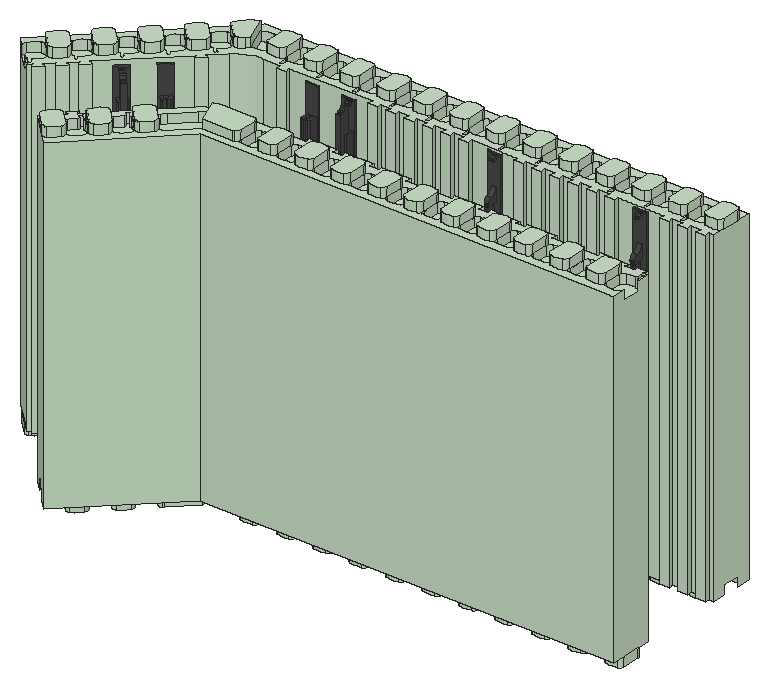
Revit family "ICF- NUDURA 4-inch- 45 Degree Form Unit- Imperial", category Generic Models, Revit 2011 (continued)
Definition of nested family "4-inch Web"
  Forms (in)
    Extrusion 1, solid, material "Polypropylene"
      sketch origin (0, -2, -0.5) x (0, 1, 0) y (0, 0, 1)
        loop
          line (4.1225, 4.33383) -> (3.89, 4.33383) -> (3.89, 4.40383) -> (3.995, 4.40383) -> (3.995, 4.90383) -> (3.89, 4.90383) -> (3.89, 4.97383) -> (4.1225, 4.97383)
          arc (4.1225, 4.97383) -> (4.16669, 4.95552) -> (4.185, 4.91133) r 0.0625
          line (4.185, 4.91133) -> (4.185, 5.69633)
          arc (4.185, 5.69633) -> (4.16669, 5.65213) -> (4.1225, 5.63383) r 0.0625
          line (4.1225, 5.63383) -> (3.89, 5.63383) -> (3.89, 5.70383) -> (3.995, 5.70383) -> (3.995, 6.2038) -> (3.89, 6.2038) -> (3.89, 6.27383) -> (4.1225, 6.27383)
          arc (4.1225, 6.27383) -> (4.16669, 6.25552) -> (4.185, 6.21133) r 0.0625
          line (4.185, 6.21133) -> (4.185, 6.81093) -> (4.09, 6.81093)
          arc (4.09, 6.81093) -> (3.98601, 6.70797) -> (3.85666, 6.63953) r 0.5
          arc (3.85666, 6.63953) -> (3.73587, 6.54816) -> (3.69, 6.40383) r 0.25
          line (3.69, 6.40383) -> (3.69, 6.33633)
          arc (3.69, 6.33633) -> (3.7083, 6.29213) -> (3.7525, 6.27383) r 0.0625
          line (3.7525, 6.27383) -> (3.8, 6.27383) -> (3.8, 6.2038) -> (3.69446, 6.2038)
          arc (3.69446, 6.2038) -> (3.49353, 6.21289) -> (3.29847, 6.26201) r 1
          arc (3.29847, 6.26201) -> (3.20889, 6.24349) -> (3.18179, 6.15611) r 0.09
          arc (3.18179, 6.15611) -> (2.74446, 5.81514) -> (2.77171, 6.36902) r 0.305
          arc (2.77171, 6.36902) -> (2.89426, 6.65499) -> (2.60829, 6.77754) r 0.22
          arc (2.60829, 6.77754) -> (2.36995, 6.62412) -> (2.20617, 6.39279) r 0.745
          arc (2.20617, 6.39279) -> (2.12274, 6.29522) -> (2, 6.25758) r 0.23
          arc (2, 6.25758) -> (1.87726, 6.29522) -> (1.79383, 6.39279) r 0.23
          arc (1.79383, 6.39279) -> (1.63005, 6.62412) -> (1.39171, 6.77754) r 0.745
          arc (1.39171, 6.77754) -> (1.10574, 6.65499) -> (1.22829, 6.36902) r 0.22
          arc (1.22829, 6.36902) -> (1.25554, 5.81514) -> (0.81821, 6.15611) r 0.305
          arc (0.81821, 6.15611) -> (0.79111, 6.24349) -> (0.70153, 6.26201) r 0.09
          arc (0.70153, 6.26201) -> (0.50647, 6.21289) -> (0.30554, 6.2038) r 1
          line (0.30554, 6.2038) -> (0.2, 6.2038) -> (0.2, 6.27383) -> (0.2475, 6.27383)
          arc (0.2475, 6.27383) -> (0.2917, 6.29213) -> (0.31, 6.33633) r 0.0625
          line (0.31, 6.33633) -> (0.31, 6.40383)
          arc (0.31, 6.40383) -> (0.26413, 6.54816) -> (0.14334, 6.63953) r 0.25
          arc (0.14334, 6.63953) -> (0.01399, 6.70797) -> (-0.09, 6.81093) r 0.5
          line (-0.09, 6.81093) -> (-0.185, 6.81093) -> (-0.185, 6.21133)
          arc (-0.185, 6.21133) -> (-0.16669, 6.25552) -> (-0.1225, 6.27383) r 0.0625
          line (-0.1225, 6.27383) -> (0.11, 6.27383) -> (0.11, 6.2038) -> (0.005, 6.2038) -> (0.005, 5.70383) -> (0.11, 5.70383) -> (0.11, 5.63383) -> (-0.1225, 5.63383)
          arc (-0.1225, 5.63383) -> (-0.16669, 5.65213) -> (-0.185, 5.69633) r 0.0625
          line (-0.185, 5.69633) -> (-0.185, 4.91133)
          arc (-0.185, 4.91133) -> (-0.16669, 4.95552) -> (-0.1225, 4.97383) r 0.0625
          line (-0.1225, 4.97383) -> (0.11, 4.97383) -> (0.11, 4.90383) -> (0.005, 4.90383) -> (0.005, 4.40383) -> (0.11, 4.40383) -> (0.11, 4.33383) -> (-0.1225, 4.33383)
          arc (-0.1225, 4.33383) -> (-0.16669, 4.35213) -> (-0.185, 4.39633) r 0.0625
          line (-0.185, 4.39633) -> (-0.185, 3.61133)
          arc (-0.185, 3.61133) -> (-0.16669, 3.65552) -> (-0.1225, 3.67383) r 0.0625
          line (-0.1225, 3.67383) -> (0.11, 3.67383) -> (0.11, 3.60383) -> (0.005, 3.60383) -> (0.005, 3.10386) -> (0.11, 3.10386) -> (0.11, 3.03383) -> (-0.15332, 3.03383)
          arc (-0.15332, 3.03383) -> (-0.16974, 3.03602) -> (-0.185, 3.04245) r 0.0625
          line (-0.185, 3.04245) -> (-0.185, 2.26723)
          arc (-0.185, 2.26723) -> (-0.07682, 2.51353) -> (0.14334, 2.66812) r 0.5
          arc (0.14334, 2.66812) -> (0.26413, 2.75949) -> (0.31, 2.90383) r 0.25
          line (0.31, 2.90383) -> (0.31, 2.97133)
          arc (0.31, 2.97133) -> (0.2917, 3.01552) -> (0.2475, 3.03383) r 0.0625
          line (0.2475, 3.03383) -> (0.2, 3.03383) -> (0.2, 3.10386) -> (0.30554, 3.10386)
          arc (0.30554, 3.10386) -> (0.50647, 3.09477) -> (0.70153, 3.04565) r 1
          arc (0.70153, 3.04565) -> (0.79111, 3.06417) -> (0.81821, 3.15155) r 0.09
          arc (0.81821, 3.15155) -> (1.25554, 3.49251) -> (1.22829, 2.93864) r 0.305
          arc (1.22829, 2.93864) -> (1.10574, 2.65266) -> (1.39171, 2.53012) r 0.22
          arc (1.39171, 2.53012) -> (1.63005, 2.68353) -> (1.79383, 2.91487) r 0.745
          arc (1.79383, 2.91487) -> (1.87726, 3.01243) -> (2, 3.05008) r 0.23
          arc (2, 3.05008) -> (2.12274, 3.01243) -> (2.20617, 2.91487) r 0.23
          arc (2.20617, 2.91487) -> (2.36995, 2.68353) -> (2.60829, 2.53012) r 0.745
          arc (2.60829, 2.53012) -> (2.89426, 2.65266) -> (2.77171, 2.93864) r 0.22
          arc (2.77171, 2.93864) -> (2.74446, 3.49251) -> (3.18179, 3.15155) r 0.305
          arc (3.18179, 3.15155) -> (3.20889, 3.06417) -> (3.29847, 3.04565) r 0.09
          arc (3.29847, 3.04565) -> (3.49353, 3.09477) -> (3.69446, 3.10386) r 1
          line (3.69446, 3.10386) -> (3.8, 3.10386) -> (3.8, 3.03383) -> (3.7525, 3.03383)
          arc (3.7525, 3.03383) -> (3.7083, 3.01552) -> (3.69, 2.97133) r 0.0625
          line (3.69, 2.97133) -> (3.69, 2.90383)
          arc (3.69, 2.90383) -> (3.73587, 2.75949) -> (3.85666, 2.66812) r 0.25
          arc (3.85666, 2.66812) -> (4.07682, 2.51353) -> (4.185, 2.26723) r 0.5
          line (4.185, 2.26723) -> (4.185, 3.04245)
          arc (4.185, 3.04245) -> (4.16974, 3.03602) -> (4.15332, 3.03383) r 0.0625
          line (4.15332, 3.03383) -> (3.89, 3.03383) -> (3.89, 3.10386) -> (3.995, 3.10386) -> (3.995, 3.60383)
        loop
          arc (3.695, 4.40383) -> (3.64143, 4.41153) -> (3.59139, 4.43216) r 0.21872
          arc (3.59139, 4.43216) -> (3.29477, 4.52764) -> (2.98527, 4.56383) r 1.6
          line (2.98527, 4.56383) -> (2.40877, 4.56383)
          arc (2.40877, 4.56383) -> (2.18493, 4.38671) -> (2.30584, 4.12814) r 0.23
          line (2.30584, 4.12814) -> (2.8018, 3.87996)
          arc (2.8018, 3.87996) -> (3.23819, 3.7089) -> (3.695, 3.60383) r 3.1806
          line (3.695, 3.60383) -> (3.8, 3.60383) -> (3.8, 3.67383) -> (3.7525, 3.67383)
          arc (3.7525, 3.67383) -> (3.7083, 3.69213) -> (3.69, 3.73633) r 0.0625
          line (3.69, 3.73633) -> (3.69, 4.27133)
          arc (3.69, 4.27133) -> (3.7083, 4.31552) -> (3.7525, 4.33383) r 0.0625
          line (3.7525, 4.33383) -> (3.8, 4.33383) -> (3.8, 4.40383) -> (3.695, 4.40383)
        loop
          arc (3.695, 5.70383) -> (3.23819, 5.59876) -> (2.8018, 5.42769) r 3.1806
          line (2.8018, 5.42769) -> (2.30584, 5.17951)
          arc (2.30584, 5.17951) -> (2.18493, 4.92095) -> (2.40877, 4.74383) r 0.23
          line (2.40877, 4.74383) -> (2.98527, 4.74383)
          arc (2.98527, 4.74383) -> (3.29477, 4.78001) -> (3.59139, 4.8755) r 1.6
          arc (3.59139, 4.8755) -> (3.64143, 4.89612) -> (3.695, 4.90383) r 0.21872
          line (3.695, 4.90383) -> (3.8, 4.90383) -> (3.8, 4.97383) -> (3.7525, 4.97383)
          arc (3.7525, 4.97383) -> (3.7083, 4.99213) -> (3.69, 5.03633) r 0.0625
          line (3.69, 5.03633) -> (3.69, 5.57133)
          arc (3.69, 5.57133) -> (3.7083, 5.61552) -> (3.7525, 5.63383) r 0.0625
          line (3.7525, 5.63383) -> (3.8, 5.63383) -> (3.8, 5.70383) -> (3.695, 5.70383)
        loop
          line (0.305, 4.40383) -> (0.2, 4.40383) -> (0.2, 4.33383) -> (0.2475, 4.33383)
          arc (0.2475, 4.33383) -> (0.2917, 4.31552) -> (0.31, 4.27133) r 0.0625
          line (0.31, 4.27133) -> (0.31, 3.73633)
          arc (0.31, 3.73633) -> (0.2917, 3.69213) -> (0.2475, 3.67383) r 0.0625
          line (0.2475, 3.67383) -> (0.2, 3.67383) -> (0.2, 3.60383) -> (0.305, 3.60383)
          arc (0.305, 3.60383) -> (0.76181, 3.7089) -> (1.1982, 3.87996) r 3.1806
          line (1.1982, 3.87996) -> (1.69416, 4.12814)
          arc (1.69416, 4.12814) -> (1.81507, 4.38671) -> (1.59123, 4.56383) r 0.23
          line (1.59123, 4.56383) -> (1.01473, 4.56383)
          arc (1.01473, 4.56383) -> (0.70523, 4.52764) -> (0.40861, 4.43216) r 1.6
          arc (0.40861, 4.43216) -> (0.35857, 4.41153) -> (0.305, 4.40383) r 0.21872
        loop
          line (0.305, 5.70383) -> (0.2, 5.70383) -> (0.2, 5.63383) -> (0.2475, 5.63383)
          arc (0.2475, 5.63383) -> (0.2917, 5.61552) -> (0.31, 5.57133) r 0.0625
          line (0.31, 5.57133) -> (0.31, 5.03633)
          arc (0.31, 5.03633) -> (0.2917, 4.99213) -> (0.2475, 4.97383) r 0.0625
          line (0.2475, 4.97383) -> (0.2, 4.97383) -> (0.2, 4.90383) -> (0.305, 4.90383)
          arc (0.305, 4.90383) -> (0.35857, 4.89612) -> (0.40861, 4.8755) r 0.21872
          arc (0.40861, 4.8755) -> (0.70523, 4.78001) -> (1.01473, 4.74383) r 1.6
          line (1.01473, 4.74383) -> (1.59123, 4.74383)
          arc (1.59123, 4.74383) -> (1.81507, 4.92095) -> (1.69416, 5.17951) r 0.23
          line (1.69416, 5.17951) -> (1.1982, 5.42769)
          arc (1.1982, 5.42769) -> (0.76181, 5.59876) -> (0.305, 5.70383) r 3.1806
      from -0.125 to 0.125
    Extrusion 2, solid, material "Polypropylene"
      sketch origin (0, 0, 0) x (0, 1, 0) y (0, 0, 1)
        loop
          line (2.185, 17.8125) -> (2.185, 0.1875)
          arc (2.185, 0.1875) -> (2.2042, 0.14243) -> (2.25, 0.12505) r 0.0625
          arc (2.25, 0.12505) -> (2.2958, 0.14243) -> (2.315, 0.1875) r 0.0625
          line (2.315, 0.1875) -> (2.315, 17.8125)
          arc (2.315, 17.8125) -> (2.2958, 17.85757) -> (2.25, 17.87495) r 0.0625
          arc (2.25, 17.87495) -> (2.2042, 17.85757) -> (2.185, 17.8125) r 0.0625
        loop
          arc (-2.185, 17.8125) -> (-2.2042, 17.85757) -> (-2.25, 17.87495) r 0.0625
          arc (-2.25, 17.87495) -> (-2.2958, 17.85757) -> (-2.315, 17.8125) r 0.0625
          line (-2.315, 17.8125) -> (-2.315, 0.1875)
          arc (-2.315, 0.1875) -> (-2.2958, 0.14243) -> (-2.25, 0.12505) r 0.0625
          arc (-2.25, 0.12505) -> (-2.2042, 0.14243) -> (-2.185, 0.1875) r 0.0625
          line (-2.185, 0.1875) -> (-2.185, 17.8125)
      from -0.36328 to 0.36328
Definition of nested family "4-inch Insert Web"
  Reference planes (in)
    plane 1 "Center (Front/Back)": y = 0
    plane 2: z = 0
    plane 3 "Center (Left/Right)": x = 0
  Forms (in)
    Extrusion 1, solid, material "High Density Polystyrene"
      sketch origin (0, 0, 0) x (0, 1, 0) y (0, 0, 1)
        loop
          line (2.25, 0) -> (2.25, 17.74583)
          arc (2.25, 17.74583) -> (2.22112, 17.72608) -> (2.21, 17.69292) r 0.055
          line (2.21, 17.69292) -> (2.21, 0.05292)
          arc (2.21, 0.05292) -> (2.22112, 0.01975) -> (2.25, 0) r 0.055
        loop
          arc (-2.25, 0) -> (-2.22112, 0.01975) -> (-2.21, 0.05292) r 0.055
          line (-2.21, 0.05292) -> (-2.21, 17.69292)
          arc (-2.21, 17.69292) -> (-2.22112, 17.72608) -> (-2.25, 17.74583) r 0.055
          line (-2.25, 17.74583) -> (-2.25, 0)
      from 0.36328 to -0.36328
    Extrusion 2, solid, material "High Density Polystyrene"
      sketch origin (0, 0, 0) x (0, 1, 0) y (0, 0, 1)
        loop
          arc (2.18889, 17.40785) -> (2.20374, 17.40241) -> (2.21, 17.38789) r 0.02
          line (2.21, 17.38789) -> (2.21, 17.63668)
          arc (2.21, 17.63668) -> (2.20585, 17.62147) -> (2.19457, 17.61045) r 0.03
          line (2.19457, 17.61045) -> (2.12543, 17.57204)
          arc (2.12543, 17.57204) -> (2.11414, 17.56103) -> (2.11, 17.54582) r 0.03
          line (2.11, 17.54582) -> (2.11, 17.42461)
          arc (2.11, 17.42461) -> (2.11625, 17.41008) -> (2.13111, 17.40464) r 0.02
          line (2.13111, 17.40464) -> (2.18889, 17.40785)
        loop
          line (2, 17.20772) -> (1.925, 17.43772)
          arc (1.925, 17.43772) -> (1.875, 17.46772) -> (1.825, 17.43772) r 0.05667
          line (1.825, 17.43772) -> (1.77609, 17.28772) -> (1.64893, 17.28772)
          arc (1.64893, 17.28772) -> (1.61433, 17.27339) -> (1.6, 17.2388) r 0.04893
          line (1.6, 17.2388) -> (1.6, 17.20772) -> (1.5, 17.20772) -> (1.5, 15.41964)
          arc (1.5, 15.41964) -> (1.44097, 15.27714) -> (1.29847, 15.21812) r 0.20153
          arc (1.29847, 15.21812) -> (1.20889, 15.19959) -> (1.18179, 15.11222) r 0.09
          arc (1.18179, 15.11222) -> (0.74446, 14.77125) -> (0.77171, 15.32512) r 0.305
          arc (0.77171, 15.32512) -> (0.89426, 15.6111) -> (0.60829, 15.73365) r 0.22
          arc (0.60829, 15.73365) -> (0.36995, 15.58023) -> (0.20617, 15.3489) r 0.745
          arc (0.20617, 15.3489) -> (0.12274, 15.25133) -> (0, 15.21369) r 0.23
          arc (0, 15.21369) -> (-0.12274, 15.25133) -> (-0.20617, 15.3489) r 0.23
          arc (-0.20617, 15.3489) -> (-0.36995, 15.58023) -> (-0.60829, 15.73365) r 0.745
          arc (-0.60829, 15.73365) -> (-0.89426, 15.6111) -> (-0.77171, 15.32512) r 0.22
          arc (-0.77171, 15.32512) -> (-0.74446, 14.77125) -> (-1.18179, 15.11222) r 0.305
          arc (-1.18179, 15.11222) -> (-1.20889, 15.19959) -> (-1.29847, 15.21812) r 0.09
          arc (-1.29847, 15.21812) -> (-1.44097, 15.27714) -> (-1.5, 15.41964) r 0.20153
          line (-1.5, 15.41964) -> (-1.5, 17.20772) -> (-1.6, 17.20772) -> (-1.6, 17.2388)
          arc (-1.6, 17.2388) -> (-1.61433, 17.27339) -> (-1.64893, 17.28772) r 0.04893
          line (-1.64893, 17.28772) -> (-1.77609, 17.28772) -> (-1.825, 17.43772)
          arc (-1.825, 17.43772) -> (-1.875, 17.46772) -> (-1.925, 17.43772) r 0.05667
          line (-1.925, 17.43772) -> (-2, 17.20772) -> (-2, 0.53811) -> (-1.925, 0.30811)
          arc (-1.925, 0.30811) -> (-1.875, 0.27811) -> (-1.825, 0.30811) r 0.05667
          line (-1.825, 0.30811) -> (-1.77609, 0.45811) -> (-1.64893, 0.45811)
          arc (-1.64893, 0.45811) -> (-1.61433, 0.47244) -> (-1.6, 0.50703) r 0.04893
          line (-1.6, 0.50703) -> (-1.6, 0.53811) -> (-1.5, 0.53811) -> (-1.5, 2.32619)
          arc (-1.5, 2.32619) -> (-1.44097, 2.46869) -> (-1.29847, 2.52772) r 0.20153
          arc (-1.29847, 2.52772) -> (-1.20889, 2.54624) -> (-1.18179, 2.63362) r 0.09
          arc (-1.18179, 2.63362) -> (-0.74446, 2.97458) -> (-0.77171, 2.42071) r 0.305
          arc (-0.77171, 2.42071) -> (-0.89426, 2.13473) -> (-0.60829, 2.01218) r 0.22
          arc (-0.60829, 2.01218) -> (-0.36995, 2.1656) -> (-0.20617, 2.39693) r 0.745
          arc (-0.20617, 2.39693) -> (-0.12274, 2.4945) -> (0, 2.53215) r 0.23
          arc (0, 2.53215) -> (0.12274, 2.4945) -> (0.20617, 2.39693) r 0.23
          arc (0.20617, 2.39693) -> (0.36995, 2.1656) -> (0.60829, 2.01218) r 0.745
          arc (0.60829, 2.01218) -> (0.89426, 2.13473) -> (0.77171, 2.42071) r 0.22
          arc (0.77171, 2.42071) -> (0.74446, 2.97458) -> (1.18179, 2.63362) r 0.305
          arc (1.18179, 2.63362) -> (1.20889, 2.54624) -> (1.29847, 2.52772) r 0.09
          arc (1.29847, 2.52772) -> (1.44097, 2.46869) -> (1.5, 2.32619) r 0.20153
          line (1.5, 2.32619) -> (1.5, 0.53811) -> (1.6, 0.53811) -> (1.6, 0.50703)
          arc (1.6, 0.50703) -> (1.61433, 0.47244) -> (1.64893, 0.45811) r 0.04893
          line (1.64893, 0.45811) -> (1.77609, 0.45811) -> (1.825, 0.30811)
          arc (1.825, 0.30811) -> (1.875, 0.27811) -> (1.925, 0.30811) r 0.05667
          line (1.925, 0.30811) -> (2, 0.53811) -> (2, 17.20772)
        loop
          line (1.5, 5.8331) -> (1.5, 11.91273)
          arc (1.5, 11.91273) -> (1.44097, 12.05523) -> (1.29847, 12.11426) r 0.20153
          arc (1.29847, 12.11426) -> (1.20889, 12.13278) -> (1.18179, 12.22016) r 0.09
          arc (1.18179, 12.22016) -> (0.74446, 12.56112) -> (0.77171, 12.00725) r 0.305
          arc (0.77171, 12.00725) -> (0.89426, 11.72127) -> (0.60829, 11.59873) r 0.22
          arc (0.60829, 11.59873) -> (0.36995, 11.75214) -> (0.20617, 11.98348) r 0.745
          arc (0.20617, 11.98348) -> (0.12274, 12.08104) -> (0, 12.11869) r 0.23
          arc (0, 12.11869) -> (-0.12274, 12.08104) -> (-0.20617, 11.98348) r 0.23
          arc (-0.20617, 11.98348) -> (-0.36995, 11.75214) -> (-0.60829, 11.59873) r 0.745
          arc (-0.60829, 11.59873) -> (-0.89426, 11.72127) -> (-0.77171, 12.00725) r 0.22
          arc (-0.77171, 12.00725) -> (-0.74446, 12.56112) -> (-1.18179, 12.22016) r 0.305
          arc (-1.18179, 12.22016) -> (-1.20889, 12.13278) -> (-1.29847, 12.11426) r 0.09
          arc (-1.29847, 12.11426) -> (-1.44097, 12.05523) -> (-1.5, 11.91273) r 0.20153
          line (-1.5, 11.91273) -> (-1.5, 5.8331)
          arc (-1.5, 5.8331) -> (-1.44097, 5.6906) -> (-1.29847, 5.63158) r 0.20153
          arc (-1.29847, 5.63158) -> (-1.20889, 5.61305) -> (-1.18179, 5.52567) r 0.09
          arc (-1.18179, 5.52567) -> (-0.74446, 5.18471) -> (-0.77171, 5.73858) r 0.305
          arc (-0.77171, 5.73858) -> (-0.89426, 6.02456) -> (-0.60829, 6.14711) r 0.22
          arc (-0.60829, 6.14711) -> (-0.36995, 5.99369) -> (-0.20617, 5.76236) r 0.745
          arc (-0.20617, 5.76236) -> (-0.12274, 5.66479) -> (0, 5.62715) r 0.23
          arc (0, 5.62715) -> (0.12274, 5.66479) -> (0.20617, 5.76236) r 0.23
          arc (0.20617, 5.76236) -> (0.36995, 5.99369) -> (0.60829, 6.14711) r 0.745
          arc (0.60829, 6.14711) -> (0.89426, 6.02456) -> (0.77171, 5.73858) r 0.22
          arc (0.77171, 5.73858) -> (0.74446, 5.18471) -> (1.18179, 5.52567) r 0.305
          arc (1.18179, 5.52567) -> (1.20889, 5.61305) -> (1.29847, 5.63158) r 0.09
          arc (1.29847, 5.63158) -> (1.44097, 5.6906) -> (1.5, 5.8331) r 0.20153
        loop
          line (1.5, 13.92792) -> (1.5, 14.39506)
          arc (1.5, 14.39506) -> (1.44165, 14.51428) -> (1.31171, 14.54135) r 0.15098
          arc (1.31171, 14.54135) -> (0.8435, 14.42302) -> (0.37542, 14.30691) r 109.15003
          arc (0.37542, 14.30691) -> (0.21407, 14.19098) -> (0.15234, 14.00212) r 0.31975
          arc (0.15234, 14.00212) -> (0.22557, 13.82535) -> (0.40234, 13.75212) r 0.25
          line (0.40234, 13.75212) -> (1.32421, 13.75212)
          arc (1.32421, 13.75212) -> (1.44851, 13.80361) -> (1.5, 13.92792) r 0.17579
        loop
          arc (1.5, 13.40446) -> (1.44851, 13.52876) -> (1.32421, 13.58025) r 0.17579
          line (1.32421, 13.58025) -> (0.40234, 13.58025)
          arc (0.40234, 13.58025) -> (0.22557, 13.50703) -> (0.15234, 13.33025) r 0.25
          arc (0.15234, 13.33025) -> (0.21407, 13.1414) -> (0.37542, 13.02546) r 0.31975
          arc (0.37542, 13.02546) -> (0.8435, 12.90936) -> (1.31171, 12.79102) r 109.15003
          arc (1.31171, 12.79102) -> (1.44165, 12.81809) -> (1.5, 12.93731) r 0.15098
          line (1.5, 12.93731) -> (1.5, 13.40446)
        loop
          line (2.18889, 0.33798) -> (2.13111, 0.34119)
          arc (2.13111, 0.34119) -> (2.11625, 0.33575) -> (2.11, 0.32122) r 0.02
          line (2.11, 0.32122) -> (2.11, 0.20001)
          arc (2.11, 0.20001) -> (2.11414, 0.1848) -> (2.12543, 0.17379) r 0.03
          line (2.12543, 0.17379) -> (2.19457, 0.13538)
          arc (2.19457, 0.13538) -> (2.20585, 0.12437) -> (2.21, 0.10915) r 0.03
          line (2.21, 0.10915) -> (2.21, 0.35795)
          arc (2.21, 0.35795) -> (2.20374, 0.34342) -> (2.18889, 0.33798) r 0.02
        loop
          arc (1.5, 3.81792) -> (1.44851, 3.94222) -> (1.32421, 3.99371) r 0.17579
          line (1.32421, 3.99371) -> (0.40234, 3.99371)
          arc (0.40234, 3.99371) -> (0.22557, 3.92048) -> (0.15234, 3.74371) r 0.25
          arc (0.15234, 3.74371) -> (0.21407, 3.55486) -> (0.37542, 3.43892) r 0.31975
          arc (0.37542, 3.43892) -> (0.8435, 3.32282) -> (1.31171, 3.20448) r 109.15003
          arc (1.31171, 3.20448) -> (1.44165, 3.23155) -> (1.5, 3.35077) r 0.15098
          line (1.5, 3.35077) -> (1.5, 3.81792)
        loop
          line (1.5, 4.34137) -> (1.5, 4.80852)
          arc (1.5, 4.80852) -> (1.44165, 4.92774) -> (1.31171, 4.95481) r 0.15098
          arc (1.31171, 4.95481) -> (0.8435, 4.83647) -> (0.37542, 4.72037) r 109.15003
          arc (0.37542, 4.72037) -> (0.21407, 4.60444) -> (0.15234, 4.41558) r 0.31975
          arc (0.15234, 4.41558) -> (0.22557, 4.23881) -> (0.40234, 4.16558) r 0.25
          line (0.40234, 4.16558) -> (1.32421, 4.16558)
          arc (1.32421, 4.16558) -> (1.44851, 4.21707) -> (1.5, 4.34137) r 0.17579
        loop
          line (-2.18889, 17.40785) -> (-2.13111, 17.40464)
          arc (-2.13111, 17.40464) -> (-2.11625, 17.41008) -> (-2.11, 17.42461) r 0.02
          line (-2.11, 17.42461) -> (-2.11, 17.54582)
          arc (-2.11, 17.54582) -> (-2.11414, 17.56103) -> (-2.12543, 17.57204) r 0.03
          line (-2.12543, 17.57204) -> (-2.19457, 17.61045)
          arc (-2.19457, 17.61045) -> (-2.20585, 17.62147) -> (-2.21, 17.63668) r 0.03
          line (-2.21, 17.63668) -> (-2.21, 17.38789)
          arc (-2.21, 17.38789) -> (-2.20374, 17.40241) -> (-2.18889, 17.40785) r 0.02
        loop
          arc (-1.5, 13.92792) -> (-1.44851, 13.80361) -> (-1.32421, 13.75212) r 0.17579
          line (-1.32421, 13.75212) -> (-0.40234, 13.75212)
          arc (-0.40234, 13.75212) -> (-0.22557, 13.82535) -> (-0.15234, 14.00212) r 0.25
          arc (-0.15234, 14.00212) -> (-0.21407, 14.19098) -> (-0.37542, 14.30691) r 0.31975
          arc (-0.37542, 14.30691) -> (-0.8435, 14.42302) -> (-1.31171, 14.54135) r 109.15003
          arc (-1.31171, 14.54135) -> (-1.44165, 14.51428) -> (-1.5, 14.39506) r 0.15098
          line (-1.5, 14.39506) -> (-1.5, 13.92792)
        loop
          line (-1.5, 13.40446) -> (-1.5, 12.93731)
          arc (-1.5, 12.93731) -> (-1.44165, 12.81809) -> (-1.31171, 12.79102) r 0.15098
          arc (-1.31171, 12.79102) -> (-0.8435, 12.90936) -> (-0.37542, 13.02546) r 109.15003
          arc (-0.37542, 13.02546) -> (-0.21407, 13.1414) -> (-0.15234, 13.33025) r 0.31975
          arc (-0.15234, 13.33025) -> (-0.22557, 13.50703) -> (-0.40234, 13.58025) r 0.25
          line (-0.40234, 13.58025) -> (-1.32421, 13.58025)
          arc (-1.32421, 13.58025) -> (-1.44851, 13.52876) -> (-1.5, 13.40446) r 0.17579
        loop
          arc (-2.18889, 0.33798) -> (-2.20374, 0.34342) -> (-2.21, 0.35795) r 0.02
          line (-2.21, 0.35795) -> (-2.21, 0.10915)
          arc (-2.21, 0.10915) -> (-2.20585, 0.12437) -> (-2.19457, 0.13538) r 0.03
          line (-2.19457, 0.13538) -> (-2.12543, 0.17379)
          arc (-2.12543, 0.17379) -> (-2.11414, 0.1848) -> (-2.11, 0.20001) r 0.03
          line (-2.11, 0.20001) -> (-2.11, 0.32122)
          arc (-2.11, 0.32122) -> (-2.11625, 0.33575) -> (-2.13111, 0.34119) r 0.02
          line (-2.13111, 0.34119) -> (-2.18889, 0.33798)
        loop
          line (-1.5, 3.81792) -> (-1.5, 3.35077)
          arc (-1.5, 3.35077) -> (-1.44165, 3.23155) -> (-1.31171, 3.20448) r 0.15098
          arc (-1.31171, 3.20448) -> (-0.8435, 3.32282) -> (-0.37542, 3.43892) r 109.15003
          arc (-0.37542, 3.43892) -> (-0.21407, 3.55486) -> (-0.15234, 3.74371) r 0.31975
          arc (-0.15234, 3.74371) -> (-0.22557, 3.92048) -> (-0.40234, 3.99371) r 0.25
          line (-0.40234, 3.99371) -> (-1.32421, 3.99371)
          arc (-1.32421, 3.99371) -> (-1.44851, 3.94222) -> (-1.5, 3.81792) r 0.17579
        loop
          arc (-1.5, 4.34137) -> (-1.44851, 4.21707) -> (-1.32421, 4.16558) r 0.17579
          line (-1.32421, 4.16558) -> (-0.40234, 4.16558)
          arc (-0.40234, 4.16558) -> (-0.22557, 4.23881) -> (-0.15234, 4.41558) r 0.25
          arc (-0.15234, 4.41558) -> (-0.21407, 4.60444) -> (-0.37542, 4.72037) r 0.31975
          arc (-0.37542, 4.72037) -> (-0.8435, 4.83647) -> (-1.31171, 4.95481) r 109.15003
          arc (-1.31171, 4.95481) -> (-1.44165, 4.92774) -> (-1.5, 4.80852) r 0.15098
          line (-1.5, 4.80852) -> (-1.5, 4.34137)
      from 0.125 to -0.125
    Extrusion 3, solid, material "High Density Polystyrene"
      sketch origin (0, 0, 0) x (0, 1, 0) y (0, 0, 1)
        loop
          line (2.21, 16.17792) -> (1.71, 16.17792) -> (1.71, 14.97792) -> (2.21, 14.97792) -> (2.21, 16.17792)
        loop
          line (2.21, 14.22792) -> (1.71, 14.22792) -> (1.71, 13.02792) -> (2.21, 13.02792) -> (2.21, 14.22792)
        loop
          line (2.21, 12.27792) -> (1.71, 12.27792) -> (1.71, 11.07792) -> (2.21, 11.07792) -> (2.21, 12.27792)
        loop
          line (2.21, 10.32792) -> (1.71, 10.32792) -> (1.71, 9.24792) -> (2.21, 9.24792) -> (2.21, 10.32792)
        loop
          line (2.21, 8.49792) -> (1.71, 8.49792) -> (1.71, 7.41792) -> (2.21, 7.41792) -> (2.21, 8.49792)
        loop
          line (2.21, 6.66792) -> (1.71, 6.66792) -> (1.71, 5.46792) -> (2.21, 5.46792) -> (2.21, 6.66792)
        loop
          line (2.21, 4.71792) -> (1.71, 4.71792) -> (1.71, 3.51792) -> (2.21, 3.51792) -> (2.21, 4.71792)
        loop
          line (2.21, 2.76792) -> (1.71, 2.76792) -> (1.71, 1.56792) -> (2.21, 1.56792) -> (2.21, 2.76792)
        loop
          line (-2.21, 16.17792) -> (-2.21, 14.97792) -> (-1.71, 14.97792) -> (-1.71, 16.17792) -> (-2.21, 16.17792)
        loop
          line (-2.21, 14.22792) -> (-2.21, 13.02792) -> (-1.71, 13.02792) -> (-1.71, 14.22792) -> (-2.21, 14.22792)
        loop
          line (-2.21, 12.27792) -> (-2.21, 11.07792) -> (-1.71, 11.07792) -> (-1.71, 12.27792) -> (-2.21, 12.27792)
        loop
          line (-2.21, 10.32792) -> (-2.21, 9.24792) -> (-1.71, 9.24792) -> (-1.71, 10.32792) -> (-2.21, 10.32792)
        loop
          line (-2.21, 8.49792) -> (-2.21, 7.41792) -> (-1.71, 7.41792) -> (-1.71, 8.49792) -> (-2.21, 8.49792)
        loop
          line (-2.21, 6.66792) -> (-2.21, 5.46792) -> (-1.71, 5.46792) -> (-1.71, 6.66792) -> (-2.21, 6.66792)
        loop
          line (-2.21, 4.71792) -> (-2.21, 3.51792) -> (-1.71, 3.51792) -> (-1.71, 4.71792) -> (-2.21, 4.71792)
        loop
          line (-2.21, 2.76792) -> (-2.21, 1.56792) -> (-1.71, 1.56792) -> (-1.71, 2.76792) -> (-2.21, 2.76792)
      from 0.25 to -0.25
    Extrusion 4, void
      sketch origin (0, -1, 0) x (1, 0, 0) y (0, 1, 0)
        loop
          line (-0.25, 2.79249) -> (-0.25, 2.71) -> (-0.1675, 2.71)
          arc (-0.1675, 2.71) -> (-0.22584, 2.73416) -> (-0.25, 2.79249) r 0.0825
      from 0 to 18
    Extrusion 5, void
      sketch origin (0, -1, 0) x (-1, 0, 0) y (0, -1, 0)
        loop
          arc (-0.25, -2.79249) -> (-0.22584, -2.73416) -> (-0.1675, -2.71) r 0.0825
          line (-0.1675, -2.71) -> (-0.25, -2.71) -> (-0.25, -2.79249)
      from 0 to 18
    Extrusion 6, void
      sketch origin (0, 1, 0) x (1, 0, 0) y (0, 1, 0)
        loop
          arc (-0.25, -2.79249) -> (-0.22584, -2.73416) -> (-0.1675, -2.71) r 0.0825
          line (-0.1675, -2.71) -> (-0.25, -2.71) -> (-0.25, -2.79249)
      from 0 to 18
    Extrusion 7, void
      sketch origin (0, 1, 0) x (-1, 0, 0) y (0, -1, 0)
        loop
          line (-0.25, 2.79249) -> (-0.25, 2.71) -> (-0.1675, 2.71)
          arc (-0.1675, 2.71) -> (-0.22584, 2.73416) -> (-0.25, 2.79249) r 0.0825
      from 0 to 18
  Cuts and joins
    Extrusion 4, Extrusion 5, Extrusion 6, Extrusion 7 cuts Extrusion 1
    Extrusion 4, Extrusion 5, Extrusion 6, Extrusion 7 cuts Extrusion 3
Definition of nested family "NUDURA Diamond Pattern"
  Reference planes (in)
    plane 1 "Center (Front/Back)": y = 0
    plane 2: z = 0
    plane 3 "Center (Left/Right)": x = 0
    plane 4: z = 18
  Lines and regions (in)
    model lines
      curve 1: line (8, -5.625, 18) -> (8, -5.625, 0)
      curve 2: line (6, -5.625, 18) -> (6, -5.625, 0)
      curve 3: line (2, -5.625, 18) -> (2, -5.625, 0)
      curve 4: line (3.35367, -5.625, 16.98484) -> (3.69709, -5.625, 16.64142)
      curve 5: arc (3.35367, -5.625, 17.51517) -> (3.24384, -5.625, 17.25) -> (3.35367, -5.625, 16.98484) r 0.375
      curve 6: line (3.72867, -5.625, 17.89017) -> (3.35367, -5.625, 17.51517)
      curve 7: arc (4.259, -5.625, 17.89017) -> (3.99384, -5.625, 18) -> (3.72867, -5.625, 17.89017) r 0.375
      curve 8: line (4.634, -5.625, 17.51517) -> (4.259, -5.625, 17.89017)
      curve 9: arc (4.634, -5.625, 16.98484) -> (4.74384, -5.625, 17.25) -> (4.634, -5.625, 17.51517) r 0.375
      curve 10: line (4.29059, -5.625, 16.64142) -> (4.634, -5.625, 16.98484)
      curve 11: arc (4.17062, -5.625, 17.80178) -> (3.99384, -5.625, 17.875) -> (3.81706, -5.625, 17.80178) r 0.25
      curve 12: line (4.54562, -5.625, 17.42678) -> (4.17062, -5.625, 17.80178)
      curve 13: arc (4.54562, -5.625, 17.07322) -> (4.61884, -5.625, 17.25) -> (4.54562, -5.625, 17.42678) r 0.25
      curve 14: line (4.17062, -5.625, 16.69822) -> (4.54562, -5.625, 17.07322)
      curve 15: arc (3.81706, -5.625, 16.69822) -> (3.99384, -5.625, 16.625) -> (4.17062, -5.625, 16.69822) r 0.25
      curve 16: line (3.44206, -5.625, 17.07322) -> (3.81706, -5.625, 16.69822)
      curve 17: arc (3.44206, -5.625, 17.42678) -> (3.36884, -5.625, 17.25) -> (3.44206, -5.625, 17.07322) r 0.25
      curve 18: line (3.81706, -5.625, 17.80178) -> (3.44206, -5.625, 17.42678)
      curve 19: arc (3.69709, -5.625, 16.35858) -> (3.75567, -5.625, 16.5) -> (3.69709, -5.625, 16.64142) r 0.2
      curve 20: line (4.634, -5.625, 16.01517) -> (4.29059, -5.625, 16.35858)
      curve 21: arc (4.634, -5.625, 15.48484) -> (4.74384, -5.625, 15.75) -> (4.634, -5.625, 16.01517) r 0.375
      curve 22: line (4.29059, -5.625, 15.14142) -> (4.634, -5.625, 15.48484)
      curve 23: line (3.35367, -5.625, 15.48484) -> (3.69709, -5.625, 15.14142)
      curve 24: arc (3.35367, -5.625, 16.01517) -> (3.24384, -5.625, 15.75) -> (3.35367, -5.625, 15.48484) r 0.375
      curve 25: line (3.69709, -5.625, 16.35858) -> (3.35367, -5.625, 16.01517)
      curve 26: arc (4.17062, -5.625, 16.30178) -> (3.99384, -5.625, 16.375) -> (3.81706, -5.625, 16.30178) r 0.25
      curve 27: line (3.81706, -5.625, 16.30178) -> (3.44206, -5.625, 15.92678)
      curve 28: arc (3.44206, -5.625, 15.92678) -> (3.36884, -5.625, 15.75) -> (3.44206, -5.625, 15.57322) r 0.25
      curve 29: line (3.44206, -5.625, 15.57322) -> (3.81706, -5.625, 15.19822)
      curve 30: arc (3.81706, -5.625, 15.19822) -> (3.99384, -5.625, 15.125) -> (4.17062, -5.625, 15.19822) r 0.25
      curve 31: line (4.17062, -5.625, 15.19822) -> (4.54562, -5.625, 15.57322)
      curve 32: arc (4.54562, -5.625, 15.57322) -> (4.61884, -5.625, 15.75) -> (4.54562, -5.625, 15.92678) r 0.25
      curve 33: line (4.54562, -5.625, 15.92678) -> (4.17062, -5.625, 16.30178)
      curve 34: arc (3.69709, -5.625, 14.85858) -> (3.75567, -5.625, 15) -> (3.69709, -5.625, 15.14142) r 0.2
      curve 35: line (4.634, -5.625, 14.51517) -> (4.29059, -5.625, 14.85858)
      curve 36: arc (4.634, -5.625, 13.98484) -> (4.74384, -5.625, 14.25) -> (4.634, -5.625, 14.51517) r 0.375
      curve 37: line (4.29059, -5.625, 13.64142) -> (4.634, -5.625, 13.98484)
      curve 38: line (3.35367, -5.625, 13.98484) -> (3.69709, -5.625, 13.64142)
      curve 39: arc (3.35367, -5.625, 14.51517) -> (3.24384, -5.625, 14.25) -> (3.35367, -5.625, 13.98484) r 0.375
      curve 40: line (3.69709, -5.625, 14.85858) -> (3.35367, -5.625, 14.51517)
      curve 41: arc (4.17062, -5.625, 14.80178) -> (3.99384, -5.625, 14.875) -> (3.81706, -5.625, 14.80178) r 0.25
      curve 42: line (3.81706, -5.625, 14.80178) -> (3.44206, -5.625, 14.42678)
      curve 43: arc (3.44206, -5.625, 14.42678) -> (3.36884, -5.625, 14.25) -> (3.44206, -5.625, 14.07322) r 0.25
      curve 44: line (3.44206, -5.625, 14.07322) -> (3.81706, -5.625, 13.69822)
      curve 45: arc (3.81706, -5.625, 13.69822) -> (3.99384, -5.625, 13.625) -> (4.17062, -5.625, 13.69822) r 0.25
      curve 46: line (4.17062, -5.625, 13.69822) -> (4.54562, -5.625, 14.07322)
      curve 47: arc (4.54562, -5.625, 14.07322) -> (4.61884, -5.625, 14.25) -> (4.54562, -5.625, 14.42678) r 0.25
      curve 48: line (4.54562, -5.625, 14.42678) -> (4.17062, -5.625, 14.80178)
      curve 49: arc (3.69709, -5.625, 13.35858) -> (3.75567, -5.625, 13.5) -> (3.69709, -5.625, 13.64142) r 0.2
      curve 50: line (4.634, -5.625, 13.01517) -> (4.29059, -5.625, 13.35858)
      curve 51: arc (4.634, -5.625, 12.48484) -> (4.74384, -5.625, 12.75) -> (4.634, -5.625, 13.01517) r 0.375
      curve 52: line (4.29059, -5.625, 12.14142) -> (4.634, -5.625, 12.48484)
      curve 53: line (3.35367, -5.625, 12.48484) -> (3.69709, -5.625, 12.14142)
      curve 54: arc (3.35367, -5.625, 13.01517) -> (3.24384, -5.625, 12.75) -> (3.35367, -5.625, 12.48484) r 0.375
      curve 55: line (3.69709, -5.625, 13.35858) -> (3.35367, -5.625, 13.01517)
      curve 56: arc (4.17062, -5.625, 13.30178) -> (3.99384, -5.625, 13.375) -> (3.81706, -5.625, 13.30178) r 0.25
      curve 57: line (3.81706, -5.625, 13.30178) -> (3.44206, -5.625, 12.92678)
      curve 58: arc (3.44206, -5.625, 12.92678) -> (3.36884, -5.625, 12.75) -> (3.44206, -5.625, 12.57322) r 0.25
      curve 59: line (3.44206, -5.625, 12.57322) -> (3.81706, -5.625, 12.19822)
      curve 60: arc (3.81706, -5.625, 12.19822) -> (3.99384, -5.625, 12.125) -> (4.17062, -5.625, 12.19822) r 0.25
      curve 61: line (4.17062, -5.625, 12.19822) -> (4.54562, -5.625, 12.57322)
      curve 62: arc (4.54562, -5.625, 12.57322) -> (4.61884, -5.625, 12.75) -> (4.54562, -5.625, 12.92678) r 0.25
      curve 63: line (4.54562, -5.625, 12.92678) -> (4.17062, -5.625, 13.30178)
      curve 64: arc (3.69709, -5.625, 11.85858) -> (3.75567, -5.625, 12) -> (3.69709, -5.625, 12.14142) r 0.2
      curve 65: line (4.634, -5.625, 11.51517) -> (4.29059, -5.625, 11.85858)
      curve 66: arc (4.634, -5.625, 10.98484) -> (4.74384, -5.625, 11.25) -> (4.634, -5.625, 11.51517) r 0.375
      curve 67: line (4.29059, -5.625, 10.64142) -> (4.634, -5.625, 10.98484)
      curve 68: line (3.35367, -5.625, 10.98484) -> (3.69709, -5.625, 10.64142)
      curve 69: arc (3.35367, -5.625, 11.51517) -> (3.24384, -5.625, 11.25) -> (3.35367, -5.625, 10.98484) r 0.375
      curve 70: line (3.69709, -5.625, 11.85858) -> (3.35367, -5.625, 11.51517)
      curve 71: arc (4.17062, -5.625, 11.80178) -> (3.99384, -5.625, 11.875) -> (3.81706, -5.625, 11.80178) r 0.25
      curve 72: line (3.81706, -5.625, 11.80178) -> (3.44206, -5.625, 11.42678)
      curve 73: arc (3.44206, -5.625, 11.42678) -> (3.36884, -5.625, 11.25) -> (3.44206, -5.625, 11.07322) r 0.25
      curve 74: line (3.44206, -5.625, 11.07322) -> (3.81706, -5.625, 10.69822)
      curve 75: arc (3.81706, -5.625, 10.69822) -> (3.99384, -5.625, 10.625) -> (4.17062, -5.625, 10.69822) r 0.25
      curve 76: line (4.17062, -5.625, 10.69822) -> (4.54562, -5.625, 11.07322)
      curve 77: arc (4.54562, -5.625, 11.07322) -> (4.61884, -5.625, 11.25) -> (4.54562, -5.625, 11.42678) r 0.25
      curve 78: line (4.54562, -5.625, 11.42678) -> (4.17062, -5.625, 11.80178)
      curve 79: arc (3.69709, -5.625, 10.35858) -> (3.75567, -5.625, 10.5) -> (3.69709, -5.625, 10.64142) r 0.2
      curve 80: line (4.634, -5.625, 10.01517) -> (4.29059, -5.625, 10.35858)
      curve 81: arc (4.634, -5.625, 9.48484) -> (4.74384, -5.625, 9.75) -> (4.634, -5.625, 10.01517) r 0.375
      curve 82: line (4.29059, -5.625, 9.14142) -> (4.634, -5.625, 9.48484)
      curve 83: line (3.35367, -5.625, 9.48484) -> (3.69709, -5.625, 9.14142)
      curve 84: arc (3.35367, -5.625, 10.01517) -> (3.24384, -5.625, 9.75) -> (3.35367, -5.625, 9.48484) r 0.375
      curve 85: line (3.69709, -5.625, 10.35858) -> (3.35367, -5.625, 10.01517)
      curve 86: arc (4.17062, -5.625, 10.30178) -> (3.99384, -5.625, 10.375) -> (3.81706, -5.625, 10.30178) r 0.25
      curve 87: line (3.81706, -5.625, 10.30178) -> (3.44206, -5.625, 9.92678)
      curve 88: arc (3.44206, -5.625, 9.92678) -> (3.36884, -5.625, 9.75) -> (3.44206, -5.625, 9.57322) r 0.25
      curve 89: line (3.44206, -5.625, 9.57322) -> (3.81706, -5.625, 9.19822)
      curve 90: arc (3.81706, -5.625, 9.19822) -> (3.99384, -5.625, 9.125) -> (4.17062, -5.625, 9.19822) r 0.25
      curve 91: line (4.17062, -5.625, 9.19822) -> (4.54562, -5.625, 9.57322)
      curve 92: arc (4.54562, -5.625, 9.57322) -> (4.61884, -5.625, 9.75) -> (4.54562, -5.625, 9.92678) r 0.25
      curve 93: line (4.54562, -5.625, 9.92678) -> (4.17062, -5.625, 10.30178)
      curve 94: arc (3.69709, -5.625, 8.85858) -> (3.75567, -5.625, 9) -> (3.69709, -5.625, 9.14142) r 0.2
      curve 95: line (4.634, -5.625, 8.51517) -> (4.29059, -5.625, 8.85858)
      curve 96: arc (4.634, -5.625, 7.98484) -> (4.74384, -5.625, 8.25) -> (4.634, -5.625, 8.51517) r 0.375
      curve 97: line (4.29059, -5.625, 7.64142) -> (4.634, -5.625, 7.98484)
      curve 98: line (3.35367, -5.625, 7.98484) -> (3.69709, -5.625, 7.64142)
      curve 99: arc (3.35367, -5.625, 8.51517) -> (3.24384, -5.625, 8.25) -> (3.35367, -5.625, 7.98484) r 0.375
      curve 100: line (3.69709, -5.625, 8.85858) -> (3.35367, -5.625, 8.51517)
      curve 101: arc (4.17062, -5.625, 8.80178) -> (3.99384, -5.625, 8.875) -> (3.81706, -5.625, 8.80178) r 0.25
      curve 102: line (3.81706, -5.625, 8.80178) -> (3.44206, -5.625, 8.42678)
      curve 103: arc (3.44206, -5.625, 8.42678) -> (3.36884, -5.625, 8.25) -> (3.44206, -5.625, 8.07322) r 0.25
      curve 104: line (3.44206, -5.625, 8.07322) -> (3.81706, -5.625, 7.69822)
      curve 105: arc (3.81706, -5.625, 7.69822) -> (3.99384, -5.625, 7.625) -> (4.17062, -5.625, 7.69822) r 0.25
      curve 106: line (4.17062, -5.625, 7.69822) -> (4.54562, -5.625, 8.07322)
      curve 107: arc (4.54562, -5.625, 8.07322) -> (4.61884, -5.625, 8.25) -> (4.54562, -5.625, 8.42678) r 0.25
      curve 108: line (4.54562, -5.625, 8.42678) -> (4.17062, -5.625, 8.80178)
      curve 109: arc (3.69709, -5.625, 7.35858) -> (3.75567, -5.625, 7.5) -> (3.69709, -5.625, 7.64142) r 0.2
      curve 110: line (4.634, -5.625, 7.01517) -> (4.29059, -5.625, 7.35858)
      curve 111: arc (4.634, -5.625, 6.48484) -> (4.74384, -5.625, 6.75) -> (4.634, -5.625, 7.01517) r 0.375
      curve 112: line (4.29059, -5.625, 6.14142) -> (4.634, -5.625, 6.48484)
      curve 113: line (3.35367, -5.625, 6.48484) -> (3.69709, -5.625, 6.14142)
      curve 114: arc (3.35367, -5.625, 7.01517) -> (3.24384, -5.625, 6.75) -> (3.35367, -5.625, 6.48484) r 0.375
      curve 115: line (3.69709, -5.625, 7.35858) -> (3.35367, -5.625, 7.01517)
      curve 116: arc (4.17062, -5.625, 7.30178) -> (3.99384, -5.625, 7.375) -> (3.81706, -5.625, 7.30178) r 0.25
      curve 117: line (3.81706, -5.625, 7.30178) -> (3.44206, -5.625, 6.92678)
      curve 118: arc (3.44206, -5.625, 6.92678) -> (3.36884, -5.625, 6.75) -> (3.44206, -5.625, 6.57322) r 0.25
      curve 119: line (3.44206, -5.625, 6.57322) -> (3.81706, -5.625, 6.19822)
      curve 120: arc (3.81706, -5.625, 6.19822) -> (3.99384, -5.625, 6.125) -> (4.17062, -5.625, 6.19822) r 0.25
      curve 121: line (4.17062, -5.625, 6.19822) -> (4.54562, -5.625, 6.57322)
      curve 122: arc (4.54562, -5.625, 6.57322) -> (4.61884, -5.625, 6.75) -> (4.54562, -5.625, 6.92678) r 0.25
      curve 123: line (4.54562, -5.625, 6.92678) -> (4.17062, -5.625, 7.30178)
      curve 124: arc (3.69709, -5.625, 5.85858) -> (3.75567, -5.625, 6) -> (3.69709, -5.625, 6.14142) r 0.2
      curve 125: line (4.634, -5.625, 5.51517) -> (4.29059, -5.625, 5.85858)
      curve 126: arc (4.634, -5.625, 4.98484) -> (4.74384, -5.625, 5.25) -> (4.634, -5.625, 5.51517) r 0.375
      curve 127: line (4.29059, -5.625, 4.64142) -> (4.634, -5.625, 4.98484)
      curve 128: line (3.35367, -5.625, 4.98484) -> (3.69709, -5.625, 4.64142)
      curve 129: arc (3.35367, -5.625, 5.51517) -> (3.24384, -5.625, 5.25) -> (3.35367, -5.625, 4.98484) r 0.375
      curve 130: line (3.69709, -5.625, 5.85858) -> (3.35367, -5.625, 5.51517)
      curve 131: arc (4.17062, -5.625, 5.80178) -> (3.99384, -5.625, 5.875) -> (3.81706, -5.625, 5.80178) r 0.25
      curve 132: line (3.81706, -5.625, 5.80178) -> (3.44206, -5.625, 5.42678)
      curve 133: arc (3.44206, -5.625, 5.42678) -> (3.36884, -5.625, 5.25) -> (3.44206, -5.625, 5.07322) r 0.25
      curve 134: line (3.44206, -5.625, 5.07322) -> (3.81706, -5.625, 4.69822)
      curve 135: arc (3.81706, -5.625, 4.69822) -> (3.99384, -5.625, 4.625) -> (4.17062, -5.625, 4.69822) r 0.25
      curve 136: line (4.17062, -5.625, 4.69822) -> (4.54562, -5.625, 5.07322)
      curve 137: arc (4.54562, -5.625, 5.07322) -> (4.61884, -5.625, 5.25) -> (4.54562, -5.625, 5.42678) r 0.25
      curve 138: line (4.54562, -5.625, 5.42678) -> (4.17062, -5.625, 5.80178)
      curve 139: arc (3.69709, -5.625, 4.35858) -> (3.75567, -5.625, 4.5) -> (3.69709, -5.625, 4.64142) r 0.2
      curve 140: line (4.634, -5.625, 4.01517) -> (4.29059, -5.625, 4.35858)
      curve 141: arc (4.634, -5.625, 3.48484) -> (4.74384, -5.625, 3.75) -> (4.634, -5.625, 4.01517) r 0.375
      curve 142: line (4.29059, -5.625, 3.14142) -> (4.634, -5.625, 3.48484)
      curve 143: line (3.35367, -5.625, 3.48484) -> (3.69709, -5.625, 3.14142)
      curve 144: arc (3.35367, -5.625, 4.01517) -> (3.24384, -5.625, 3.75) -> (3.35367, -5.625, 3.48484) r 0.375
      curve 145: line (3.69709, -5.625, 4.35858) -> (3.35367, -5.625, 4.01517)
      curve 146: arc (4.17062, -5.625, 4.30178) -> (3.99384, -5.625, 4.375) -> (3.81706, -5.625, 4.30178) r 0.25
      curve 147: line (3.81706, -5.625, 4.30178) -> (3.44206, -5.625, 3.92678)
      curve 148: arc (3.44206, -5.625, 3.92678) -> (3.36884, -5.625, 3.75) -> (3.44206, -5.625, 3.57322) r 0.25
      curve 149: line (3.44206, -5.625, 3.57322) -> (3.81706, -5.625, 3.19822)
      curve 150: arc (3.81706, -5.625, 3.19822) -> (3.99384, -5.625, 3.125) -> (4.17062, -5.625, 3.19822) r 0.25
      curve 151: line (4.17062, -5.625, 3.19822) -> (4.54562, -5.625, 3.57322)
      curve 152: arc (4.54562, -5.625, 3.57322) -> (4.61884, -5.625, 3.75) -> (4.54562, -5.625, 3.92678) r 0.25
      curve 153: line (4.54562, -5.625, 3.92678) -> (4.17062, -5.625, 4.30178)
      curve 154: arc (3.69709, -5.625, 2.85858) -> (3.75567, -5.625, 3) -> (3.69709, -5.625, 3.14142) r 0.2
      curve 155: line (4.634, -5.625, 2.51517) -> (4.29059, -5.625, 2.85858)
      curve 156: arc (4.634, -5.625, 1.98484) -> (4.74384, -5.625, 2.25) -> (4.634, -5.625, 2.51517) r 0.375
      curve 157: line (4.29059, -5.625, 1.64142) -> (4.634, -5.625, 1.98484)
      curve 158: line (3.35367, -5.625, 1.98484) -> (3.69709, -5.625, 1.64142)
      curve 159: arc (3.35367, -5.625, 2.51517) -> (3.24384, -5.625, 2.25) -> (3.35367, -5.625, 1.98484) r 0.375
      curve 160: line (3.69709, -5.625, 2.85858) -> (3.35367, -5.625, 2.51517)
      curve 161: arc (4.17062, -5.625, 2.80178) -> (3.99384, -5.625, 2.875) -> (3.81706, -5.625, 2.80178) r 0.25
      curve 162: line (3.81706, -5.625, 2.80178) -> (3.44206, -5.625, 2.42678)
      curve 163: arc (3.44206, -5.625, 2.42678) -> (3.36884, -5.625, 2.25) -> (3.44206, -5.625, 2.07322) r 0.25
      curve 164: line (3.44206, -5.625, 2.07322) -> (3.81706, -5.625, 1.69822)
      curve 165: arc (3.81706, -5.625, 1.69822) -> (3.99384, -5.625, 1.625) -> (4.17062, -5.625, 1.69822) r 0.25
      curve 166: line (4.17062, -5.625, 1.69822) -> (4.54562, -5.625, 2.07322)
      curve 167: arc (4.54562, -5.625, 2.07322) -> (4.61884, -5.625, 2.25) -> (4.54562, -5.625, 2.42678) r 0.25
      curve 168: line (4.54562, -5.625, 2.42678) -> (4.17062, -5.625, 2.80178)
      curve 169: arc (3.69709, -5.625, 1.35858) -> (3.75567, -5.625, 1.5) -> (3.69709, -5.625, 1.64142) r 0.2
      curve 170: line (3.69709, -5.625, 1.35858) -> (3.35367, -5.625, 1.01517)
      curve 171: arc (3.35367, -5.625, 1.01517) -> (3.24384, -5.625, 0.75) -> (3.35367, -5.625, 0.48484) r 0.375
      curve 172: line (3.35367, -5.625, 0.48484) -> (3.72867, -5.625, 0.10984)
      curve 173: arc (3.72867, -5.625, 0.10984) -> (3.99384, -5.625, 0) -> (4.259, -5.625, 0.10984) r 0.375
      curve 174: line (4.259, -5.625, 0.10984) -> (4.634, -5.625, 0.48484)
      curve 175: arc (4.634, -5.625, 0.48484) -> (4.74384, -5.625, 0.75) -> (4.634, -5.625, 1.01517) r 0.375
      curve 176: line (4.634, -5.625, 1.01517) -> (4.29059, -5.625, 1.35858)
      curve 177: arc (4.29059, -5.625, 1.64142) -> (4.23201, -5.625, 1.5) -> (4.29059, -5.625, 1.35858) r 0.2
      curve 178: arc (4.17062, -5.625, 1.30178) -> (3.99384, -5.625, 1.375) -> (3.81706, -5.625, 1.30178) r 0.25
      curve 179: line (4.54562, -5.625, 0.92678) -> (4.17062, -5.625, 1.30178)
      curve 180: arc (4.54562, -5.625, 0.57322) -> (4.61884, -5.625, 0.75) -> (4.54562, -5.625, 0.92678) r 0.25
      curve 181: line (4.17062, -5.625, 0.19822) -> (4.54562, -5.625, 0.57322)
      curve 182: arc (3.81706, -5.625, 0.19822) -> (3.99384, -5.625, 0.125) -> (4.17062, -5.625, 0.19822) r 0.25
      curve 183: line (3.44206, -5.625, 0.57322) -> (3.81706, -5.625, 0.19822)
      curve 184: arc (3.44206, -5.625, 0.92678) -> (3.36884, -5.625, 0.75) -> (3.44206, -5.625, 0.57322) r 0.25
      curve 185: line (3.81706, -5.625, 1.30178) -> (3.44206, -5.625, 0.92678)
      curve 186: arc (4.29059, -5.625, 3.14142) -> (4.23201, -5.625, 3) -> (4.29059, -5.625, 2.85858) r 0.2
      curve 187: arc (4.29059, -5.625, 4.64142) -> (4.23201, -5.625, 4.5) -> (4.29059, -5.625, 4.35858) r 0.2
      curve 188: arc (4.29059, -5.625, 6.14142) -> (4.23201, -5.625, 6) -> (4.29059, -5.625, 5.85858) r 0.2
      curve 189: arc (4.29059, -5.625, 7.64142) -> (4.23201, -5.625, 7.5) -> (4.29059, -5.625, 7.35858) r 0.2
      curve 190: arc (4.29059, -5.625, 9.14142) -> (4.23201, -5.625, 9) -> (4.29059, -5.625, 8.85858) r 0.2
      curve 191: arc (4.29059, -5.625, 10.64142) -> (4.23201, -5.625, 10.5) -> (4.29059, -5.625, 10.35858) r 0.2
      curve 192: arc (4.29059, -5.625, 12.14142) -> (4.23201, -5.625, 12) -> (4.29059, -5.625, 11.85858) r 0.2
      curve 193: arc (4.29059, -5.625, 13.64142) -> (4.23201, -5.625, 13.5) -> (4.29059, -5.625, 13.35858) r 0.2
      curve 194: arc (4.29059, -5.625, 15.14142) -> (4.23201, -5.625, 15) -> (4.29059, -5.625, 14.85858) r 0.2
      curve 195: arc (4.29059, -5.625, 16.64142) -> (4.23201, -5.625, 16.5) -> (4.29059, -5.625, 16.35858) r 0.2
Definition of nested family "NUDURA Logo Diamond"
  Reference planes (in)
    plane 1 "Center (Front/Back)": y = 0
    plane 2: z = 0
    plane 3 "Center (Left/Right)": x = 0
  Lines and regions (in)
    model lines
      curve 1: line (12.59848, 0, 17.50104) -> (12.24492, 0, 17.85459)
      curve 2: line (12.36113, 0, 16.76872) -> (12.59848, 0, 17.00607)
      curve 3: line (12.59848, 0, 16.00104) -> (12.36113, 0, 16.23839)
      curve 4: line (12.36113, 0, 15.26872) -> (12.59848, 0, 15.50607)
      curve 5: line (12.59848, 0, 14.50104) -> (12.36113, 0, 14.73839)
      curve 6: line (12.36113, 0, 13.76872) -> (12.59848, 0, 14.00607)
      curve 7: line (12.17421, 0, 13.28388) -> (12.71208, 0, 12.74602)
      curve 8: line (12.71208, 0, 12.74602) -> (12.78279, 0, 12.81673)
      curve 9: line (11.28279, 0, 12.74602) -> (11.82066, 0, 13.28388)
      curve 10: line (11.63374, 0, 13.23839) -> (11.21208, 0, 12.81673)
      curve 11: line (11.3964, 0, 14.00607) -> (11.63374, 0, 13.76872)
      curve 12: line (11.63374, 0, 14.73839) -> (11.3964, 0, 14.50104)
      curve 13: line (11.3964, 0, 15.50607) -> (11.63374, 0, 15.26872)
      curve 14: line (11.63374, 0, 16.23839) -> (11.3964, 0, 16.00104)
      curve 15: line (11.3964, 0, 17.00607) -> (11.63374, 0, 16.76872)
      curve 16: line (11.74995, 0, 17.85459) -> (11.3964, 0, 17.50104)
      curve 17: line (11.82066, 0, 17.78388) -> (11.46711, 0, 17.43033)
      curve 18: line (12.52777, 0, 17.43033) -> (12.17421, 0, 17.78388)
      curve 19: line (12.17421, 0, 16.72322) -> (12.52777, 0, 17.07678)
      curve 20: line (11.46711, 0, 17.07678) -> (11.82066, 0, 16.72322)
      curve 21: arc (11.3964, 0, 17.50104) -> (11.29388, 0, 17.25355) -> (11.3964, 0, 17.00607) r 0.35
      curve 22: arc (11.74995, 0, 17.85459) -> (11.99744, 0, 17.95711) -> (12.24492, 0, 17.85459) r 0.35
      curve 23: arc (11.46711, 0, 17.43033) -> (11.39388, 0, 17.25355) -> (11.46711, 0, 17.07678) r 0.25
      curve 24: arc (12.52777, 0, 17.43033) -> (12.60099, 0, 17.25355) -> (12.52777, 0, 17.07678) r 0.25
      curve 25: arc (12.17421, 0, 16.72322) -> (11.99744, 0, 16.65) -> (11.82066, 0, 16.72322) r 0.25
      curve 26: arc (11.82066, 0, 17.78388) -> (11.99744, 0, 17.85711) -> (12.17421, 0, 17.78388) r 0.25
      curve 27: arc (12.59848, 0, 17.50104) -> (12.70099, 0, 17.25355) -> (12.59848, 0, 17.00607) r 0.35
      curve 28: arc (11.63374, 0, 16.76872) -> (11.74358, 0, 16.50355) -> (11.63374, 0, 16.23839) r 0.375
      curve 29: arc (12.36113, 0, 16.76872) -> (12.2513, 0, 16.50355) -> (12.36113, 0, 16.23839) r 0.375
      curve 30: line (12.36113, 0, 15.26872) -> (12.59848, 0, 15.50607)
      curve 31: line (11.3964, 0, 15.50607) -> (11.63374, 0, 15.26872)
      curve 32: line (11.82066, 0, 16.28388) -> (11.46711, 0, 15.93033)
      curve 33: line (12.52777, 0, 15.93033) -> (12.17421, 0, 16.28388)
      curve 34: line (12.17421, 0, 15.22322) -> (12.52777, 0, 15.57678)
      curve 35: line (11.46711, 0, 15.57678) -> (11.82066, 0, 15.22322)
      curve 36: arc (11.3964, 0, 16.00104) -> (11.29388, 0, 15.75355) -> (11.3964, 0, 15.50607) r 0.35
      curve 37: arc (11.46711, 0, 15.93033) -> (11.39388, 0, 15.75355) -> (11.46711, 0, 15.57678) r 0.25
      curve 38: arc (12.52777, 0, 15.93033) -> (12.60099, 0, 15.75355) -> (12.52777, 0, 15.57678) r 0.25
      curve 39: arc (12.17421, 0, 15.22322) -> (11.99744, 0, 15.15) -> (11.82066, 0, 15.22322) r 0.25
      curve 40: arc (11.82066, 0, 16.28388) -> (11.99744, 0, 16.35711) -> (12.17421, 0, 16.28388) r 0.25
      curve 41: arc (12.59848, 0, 16.00104) -> (12.70099, 0, 15.75355) -> (12.59848, 0, 15.50607) r 0.35
      curve 42: line (11.63374, 0, 16.23839) -> (11.3964, 0, 16.00104)
      curve 43: line (12.59848, 0, 16.00104) -> (12.36113, 0, 16.23839)
      curve 44: arc (11.63374, 0, 15.26872) -> (11.74358, 0, 15.00355) -> (11.63374, 0, 14.73839) r 0.375
      curve 45: arc (12.36113, 0, 15.26872) -> (12.2513, 0, 15.00355) -> (12.36113, 0, 14.73839) r 0.375
      curve 46: line (12.36113, 0, 13.76872) -> (12.59848, 0, 14.00607)
      curve 47: line (11.3964, 0, 14.00607) -> (11.63374, 0, 13.76872)
      curve 48: line (11.82066, 0, 14.78388) -> (11.46711, 0, 14.43033)
      curve 49: line (12.52777, 0, 14.43033) -> (12.17421, 0, 14.78388)
      curve 50: line (12.17421, 0, 13.72322) -> (12.52777, 0, 14.07678)
      curve 51: line (11.46711, 0, 14.07678) -> (11.82066, 0, 13.72322)
      curve 52: arc (11.3964, 0, 14.50104) -> (11.29388, 0, 14.25355) -> (11.3964, 0, 14.00607) r 0.35
      curve 53: arc (11.46711, 0, 14.43033) -> (11.39388, 0, 14.25355) -> (11.46711, 0, 14.07678) r 0.25
      curve 54: arc (12.52777, 0, 14.43033) -> (12.60099, 0, 14.25355) -> (12.52777, 0, 14.07678) r 0.25
      curve 55: arc (12.17421, 0, 13.72322) -> (11.99744, 0, 13.65) -> (11.82066, 0, 13.72322) r 0.25
      curve 56: arc (11.82066, 0, 14.78388) -> (11.99744, 0, 14.85711) -> (12.17421, 0, 14.78388) r 0.25
      curve 57: arc (12.59848, 0, 14.50104) -> (12.70099, 0, 14.25355) -> (12.59848, 0, 14.00607) r 0.35
      curve 58: line (11.63374, 0, 14.73839) -> (11.3964, 0, 14.50104)
      curve 59: arc (11.63374, 0, 13.76872) -> (11.74358, 0, 13.50355) -> (11.63374, 0, 13.23839) r 0.375
      curve 60: arc (12.36113, 0, 13.76872) -> (12.2513, 0, 13.50355) -> (12.36113, 0, 13.23839) r 0.375
      curve 61: line (12.78279, 0, 12.81673) -> (12.36113, 0, 13.23839)
      curve 62: line (11.21208, 0, 12.81673) -> (11.28279, 0, 12.74602)
      curve 63: arc (11.82066, 0, 13.28388) -> (11.99744, 0, 13.35711) -> (12.17421, 0, 13.28388) r 0.25
      curve 64: line (12.59848, 0, 0.50607) -> (12.24492, 0, 0.15251)
      curve 65: line (12.36113, 0, 1.23839) -> (12.59848, 0, 1.00104)
      curve 66: line (12.59848, 0, 2.00607) -> (12.36113, 0, 1.76872)
      curve 67: line (12.36113, 0, 2.73839) -> (12.59848, 0, 2.50104)
      curve 68: line (12.59848, 0, 3.50607) -> (12.36113, 0, 3.26872)
      curve 69: line (12.36113, 0, 4.23839) -> (12.59848, 0, 4.00104)
      curve 70: line (12.17421, 0, 4.72322) -> (12.71208, 0, 5.26109)
      curve 71: line (12.71208, 0, 5.26109) -> (12.78279, 0, 5.19038)
      curve 72: line (11.28279, 0, 5.26109) -> (11.82066, 0, 4.72322)
      curve 73: line (11.63374, 0, 4.76872) -> (11.21208, 0, 5.19038)
      curve 74: line (11.3964, 0, 4.00104) -> (11.63374, 0, 4.23839)
      curve 75: line (11.63374, 0, 3.26872) -> (11.3964, 0, 3.50607)
      curve 76: line (11.3964, 0, 2.50104) -> (11.63374, 0, 2.73839)
      curve 77: line (11.63374, 0, 1.76872) -> (11.3964, 0, 2.00607)
      curve 78: line (11.3964, 0, 1.00104) -> (11.63374, 0, 1.23839)
      curve 79: line (11.74995, 0, 0.15251) -> (11.3964, 0, 0.50607)
      curve 80: line (11.82066, 0, 0.22322) -> (11.46711, 0, 0.57678)
      curve 81: line (12.52777, 0, 0.57678) -> (12.17421, 0, 0.22322)
